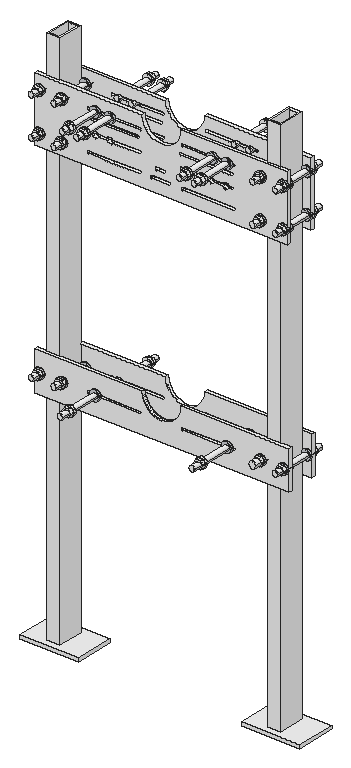
Revit family "Plumbing Fixture-Water_Closet_Carrier_Mifab_MC-32D", category Plumbing Fixtures, host Face, Revit 2013
Parameters
  WFU = 0
  URL = "www.mifab.com"
  Model = "MC-32D"
  Manufacturer = "MIFAB"
  Floor Drain Material = Paint - Sherwin Williams Paint - #952C2A - Bellwood Red
  Description = "Back To Back Hanger Plate Carrier With Bearing Plate And Two Uprights"
  Default Elevation = 0.000"
  Assembly Code = ""
Reference planes (in)
  plane 1 "Center (Front/Back)": y = 0
  plane 2: z = 0
  plane 3 "Center (Left/Right)": x = 0
Forms (in)
  Extrusion 1, solid, material "Paint - Sherwin Williams Paint - #952C2A - Bellwood Red" <- "Floor Drain Material"
    sketch origin (0.125, 0, 0) x (1, 0, 0) y (0, 1, 0)
      loop
        line (-10.75, 1.5) -> (-10.75, -1.5) -> (-6.25, -1.5) -> (-6.25, 1.5) -> (-10.75, 1.5)
      loop
        line (10.75, 1.5) -> (6.25, 1.5) -> (6.25, -1.5) -> (10.75, -1.5) -> (10.75, 1.5)
    from 0 to 0.25
  Extrusion 2, solid, material "Paint - Sherwin Williams Paint - #952C2A - Bellwood Red" <- "Floor Drain Material"
    sketch origin (0, 0, 0) x (1, 0, 0) y (0, 1, 0)
      loop
        line (-9, 1) -> (-9, -1) -> (-8, -1) -> (-8, 1) -> (-9, 1)
      loop
        line (9, 1) -> (8, 1) -> (8, -1) -> (9, -1) -> (9, 1)
      loop
        line (-8.875, 0.875) -> (-8.875, -0.875) -> (-8.125, -0.875) -> (-8.125, 0.875) -> (-8.875, 0.875)
      loop
        line (8.875, 0.875) -> (8.125, 0.875) -> (8.125, -0.875) -> (8.875, -0.875) -> (8.875, 0.875)
    from 0.25 to 42
  Extrusion 3, solid, material "Paint - Sherwin Williams Paint - #952C2A - Bellwood Red" <- "Floor Drain Material"
    sketch origin (0.04675, -1.5, 0) x (1, 0, 0) y (0, 0, 1)
      loop
        line (-9.75, 39.14334) -> (-9.75, 34.14334) -> (9.65649, 34.14334) -> (9.65649, 39.14334) -> (1.5, 39.14334)
        arc (1.5, 39.14334) -> (0, 37.64334) -> (-1.5, 39.14334) r 1.5
        line (-1.5, 39.14334) -> (-9.75, 39.14334)
      loop
        circle (9.37144, 38.14334) r 0.25
      loop
        circle (7.62856, 38.14334) r 0.25
      loop
        circle (-9.37144, 38.14334) r 0.25
      loop
        circle (-7.62856, 38.14334) r 0.25
      loop
        line (5.54399, 38.26834) -> (5.275, 38.26834) -> (1.66899, 38.26834)
        arc (1.66899, 38.26834) -> (1.54399, 38.14334) -> (1.66899, 38.01834) r 0.125
        line (1.66899, 38.01834) -> (5.27785, 38.01834) -> (5.54399, 38.01834)
        arc (5.54399, 38.01834) -> (5.66899, 38.14334) -> (5.54399, 38.26834) r 0.125
      loop
        arc (-5.54399, 38.26834) -> (-5.66899, 38.14334) -> (-5.54399, 38.01834) r 0.125
        line (-5.54399, 38.01834) -> (-5.27785, 38.01834) -> (-1.66899, 38.01834)
        arc (-1.66899, 38.01834) -> (-1.54399, 38.14334) -> (-1.66899, 38.26834) r 0.125
        line (-1.66899, 38.26834) -> (-5.275, 38.26834) -> (-5.54399, 38.26834)
      loop
        line (-9.75, 20.14334) -> (-9.75, 17.14334) -> (9.75, 17.14334) -> (9.75, 20.14334) -> (1.5, 20.14334)
        arc (1.5, 20.14334) -> (0, 18.64334) -> (-1.5, 20.14334) r 1.5
        line (-1.5, 20.14334) -> (-9.75, 20.14334)
      loop
        circle (9.37144, 18.625) r 0.25
      loop
        circle (7.62856, 18.625) r 0.25
      loop
        circle (-9.37144, 18.625) r 0.25
      loop
        circle (-7.62856, 18.625) r 0.25
      loop
        line (5.54399, 18.75) -> (5.275, 18.75)
        arc (5.275, 18.75) -> (5.05994, 18.87253) -> (4.84488, 18.75) r 0.25
        line (4.84488, 18.75) -> (4.15512, 18.75) -> (1.66899, 18.75)
        arc (1.66899, 18.75) -> (1.54399, 18.625) -> (1.66899, 18.5) r 0.125
        line (1.66899, 18.5) -> (4.15797, 18.5) -> (4.84203, 18.5)
        arc (4.84203, 18.5) -> (5.05994, 18.37253) -> (5.27785, 18.5) r 0.25
        line (5.27785, 18.5) -> (5.54399, 18.5)
        arc (5.54399, 18.5) -> (5.66899, 18.625) -> (5.54399, 18.75) r 0.125
      loop
        arc (-5.54399, 18.75) -> (-5.66899, 18.625) -> (-5.54399, 18.5) r 0.125
        line (-5.54399, 18.5) -> (-5.27785, 18.5)
        arc (-5.27785, 18.5) -> (-5.05994, 18.37253) -> (-4.84203, 18.5) r 0.25
        line (-4.84203, 18.5) -> (-4.15797, 18.5) -> (-1.66899, 18.5)
        arc (-1.66899, 18.5) -> (-1.54399, 18.625) -> (-1.66899, 18.75) r 0.125
        line (-1.66899, 18.75) -> (-4.15512, 18.75) -> (-4.84488, 18.75)
        arc (-4.84488, 18.75) -> (-5.05994, 18.87253) -> (-5.275, 18.75) r 0.25
        line (-5.275, 18.75) -> (-5.54399, 18.75)
      loop
        circle (9.37144, 35.14334) r 0.25
      loop
        circle (7.62856, 35.14334) r 0.25
      loop
        circle (-9.37144, 35.14334) r 0.25
      loop
        circle (-7.62856, 35.14334) r 0.25
      loop
        arc (5.54399, 35.01834) -> (5.66899, 35.14334) -> (5.54399, 35.26834) r 0.125
        line (5.54399, 35.26834) -> (1.66899, 35.26834)
        arc (1.66899, 35.26834) -> (1.54399, 35.14334) -> (1.66899, 35.01834) r 0.125
        line (1.66899, 35.01834) -> (5.54399, 35.01834)
      loop
        line (-5.54399, 35.01834) -> (-3.725, 35.01834) -> (-1.66899, 35.01834)
        arc (-1.66899, 35.01834) -> (-1.54399, 35.14334) -> (-1.66899, 35.26834) r 0.125
        line (-1.66899, 35.26834) -> (-3.72215, 35.26834) -> (-5.54399, 35.26834)
        arc (-5.54399, 35.26834) -> (-5.66899, 35.14334) -> (-5.54399, 35.01834) r 0.125
      loop
        arc (-5.54399, 36.64334) -> (-5.66899, 36.51834) -> (-5.54399, 36.39334) r 0.125
        line (-5.54399, 36.39334) -> (-5.27785, 36.39334)
        arc (-5.27785, 36.39334) -> (-5.05994, 36.26587) -> (-4.84203, 36.39334) r 0.25
        line (-4.84203, 36.39334) -> (-4.15797, 36.39334)
        arc (-4.15797, 36.39334) -> (-3.94006, 36.26587) -> (-3.72215, 36.39334) r 0.25
        line (-3.72215, 36.39334) -> (-1.66899, 36.39334)
        arc (-1.66899, 36.39334) -> (-1.54399, 36.51834) -> (-1.66899, 36.64334) r 0.125
        line (-1.66899, 36.64334) -> (-3.725, 36.64334)
        arc (-3.725, 36.64334) -> (-3.94006, 36.76587) -> (-4.15512, 36.64334) r 0.25
        line (-4.15512, 36.64334) -> (-4.84488, 36.64334)
        arc (-4.84488, 36.64334) -> (-5.05994, 36.76587) -> (-5.275, 36.64334) r 0.25
        line (-5.275, 36.64334) -> (-5.54399, 36.64334)
      loop
        line (5.41405, 37.625) -> (5.14506, 37.625) -> (1.53905, 37.625)
        arc (1.53905, 37.625) -> (1.41405, 37.5) -> (1.53905, 37.375) r 0.125
        line (1.53905, 37.375) -> (5.14791, 37.375) -> (5.41405, 37.375)
        arc (5.41405, 37.375) -> (5.53905, 37.5) -> (5.41405, 37.625) r 0.125
      loop
        arc (-5.67393, 37.625) -> (-5.79893, 37.5) -> (-5.67393, 37.375) r 0.125
        line (-5.67393, 37.375) -> (-5.40779, 37.375) -> (-1.79893, 37.375)
        arc (-1.79893, 37.375) -> (-1.67393, 37.5) -> (-1.79893, 37.625) r 0.125
        line (-1.79893, 37.625) -> (-5.40494, 37.625) -> (-5.67393, 37.625)
      loop
        line (5.45049, 36.64334) -> (5.1815, 36.64334)
        arc (5.1815, 36.64334) -> (4.96643, 36.76587) -> (4.75137, 36.64334) r 0.25
        line (4.75137, 36.64334) -> (4.06162, 36.64334)
        arc (4.06162, 36.64334) -> (3.84656, 36.76587) -> (3.63149, 36.64334) r 0.25
        line (3.63149, 36.64334) -> (1.57549, 36.64334)
        arc (1.57549, 36.64334) -> (1.45049, 36.51834) -> (1.57549, 36.39334) r 0.125
        line (1.57549, 36.39334) -> (3.62864, 36.39334)
        arc (3.62864, 36.39334) -> (3.84656, 36.26587) -> (4.06447, 36.39334) r 0.25
        line (4.06447, 36.39334) -> (4.74852, 36.39334)
        arc (4.74852, 36.39334) -> (4.96643, 36.26587) -> (5.18435, 36.39334) r 0.25
        line (5.18435, 36.39334) -> (5.45049, 36.39334)
        arc (5.45049, 36.39334) -> (5.57549, 36.51834) -> (5.45049, 36.64334) r 0.125
      loop
        arc (-0.70997, 35.26834) -> (-0.83497, 35.14334) -> (-0.70997, 35.01834) r 0.125
        line (-0.70997, 35.01834) -> (0.61647, 35.01834)
        arc (0.61647, 35.01834) -> (0.74147, 35.14334) -> (0.61647, 35.26834) r 0.125
        line (0.61647, 35.26834) -> (-0.70997, 35.26834)
      loop
        arc (-0.32934, 35.95824) -> (-0.45434, 35.83324) -> (-0.32934, 35.70824) r 0.125
        line (-0.32934, 35.70824) -> (0.23583, 35.70824)
        arc (0.23583, 35.70824) -> (0.36083, 35.83324) -> (0.23583, 35.95824) r 0.125
        line (0.23583, 35.95824) -> (-0.32934, 35.95824)
    from -0.5 to -0.25
  Sweep 4, solid, material "Paint - Sherwin Williams Paint - #952C2A - Bellwood Red" <- "Floor Drain Material"
    path origin (0.05085, 0.11634, 0.49005) x (-1, 0, 0) y (0, 1, 0)
      loop
        line (-9.37144, -2.1899) -> (-9.37144, 2.0601)
    profile origin (9.42229, 0.05144, 0.49005) x (-1, 0, 0) y (0, 0, 1)
      loop
        circle (0, 37.63699) r 0.2
  Extrusion 5, solid
    sketch origin (0.04675, 0, 1.87253) x (1, 0, 0) y (0, 0, 1)
      loop
        circle (-9.37144, 36.25) r 0.37861
      loop
        circle (-7.62856, 36.25) r 0.37861
      loop
        circle (7.62856, 36.25) r 0.37861
      loop
        circle (9.37144, 36.25) r 0.37861
    from 1.25 to 1.375
  Extrusion 6, solid
    sketch origin (0.04675, -2.25, 1.87253) x (1, 0, 0) y (0, 0, -1)
      loop
        circle (-9.37144, -36.25) r 0.37861
      loop
        circle (-7.62856, -36.25) r 0.37861
      loop
        circle (7.62856, -36.25) r 0.37861
      loop
        circle (9.37144, -36.25) r 0.37861
    from 1.25 to 1.375
  Extrusion 7, solid, material "Paint - Sherwin Williams Paint - #952C2A - Bellwood Red" <- "Floor Drain Material"
    sketch origin (0.04675, 0, 0.5) x (1, 0, 0) y (0, 0, 1)
      loop
        circle (-3.94006, 37.62253) r 0.2
      loop
        circle (-5.05994, 37.62253) r 0.2
      loop
        circle (3.94006, 37.62253) r 0.2
      loop
        circle (5.05994, 37.62253) r 0.2
    from 0.73281 to 4.48435
  Extrusion 8, solid, material "Paint - Sherwin Williams Paint - #952C2A - Bellwood Red" <- "Floor Drain Material"
    sketch origin (4.35826, -2.4273, -1.05033) x (1, 0, 0) y (0, 0, 1)
      loop
        line (-9.19891, 39.47169) -> (-9.54397, 39.47169) -> (-9.7165, 39.17286) -> (-9.54397, 38.87403) -> (-9.19891, 38.87403) -> (-9.02638, 39.17286) -> (-9.19891, 39.47169)
      loop
        circle (-9.37144, 39.17286) r 0.2
      loop
        line (-8.07903, 39.47169) -> (-8.42409, 39.47169) -> (-8.59662, 39.17286) -> (-8.42409, 38.87403) -> (-8.07903, 38.87403) -> (-7.90651, 39.17286) -> (-8.07903, 39.47169)
      loop
        circle (-8.25156, 39.17286) r 0.2
      loop
        line (-0.19891, 39.47169) -> (-0.54397, 39.47169) -> (-0.7165, 39.17286) -> (-0.54397, 38.87403) -> (-0.19891, 38.87403) -> (-0.02638, 39.17286) -> (-0.19891, 39.47169)
      loop
        circle (-0.37144, 39.17286) r 0.2
      loop
        line (0.92097, 39.47169) -> (0.57591, 39.47169) -> (0.40338, 39.17286) -> (0.57591, 38.87403) -> (0.92097, 38.87403) -> (1.09349, 39.17286) -> (0.92097, 39.47169)
      loop
        circle (0.74844, 39.17286) r 0.2
    from 1.375 to 1.625
  Extrusion 9, solid
    sketch origin (4.35826, 0, -1.05033) x (1, 0, 0) y (0, 0, 1)
      loop
        circle (-9.37144, 39.17286) r 0.37857
      loop
        circle (-8.25156, 39.17286) r 0.37857
      loop
        circle (-0.37144, 39.17286) r 0.37857
      loop
        circle (0.74844, 39.17286) r 0.37857
    from 1.25 to 1.375
  Extrusion 10, solid, material "Paint - Sherwin Williams Paint - #952C2A - Bellwood Red" <- "Floor Drain Material"
    sketch origin (4.35826, -2.43499, -1.05033) x (1, 0, 0) y (0, 0, 1)
      loop
        circle (-9.37144, 39.17286) r 0.37857
      loop
        circle (-8.25156, 39.17286) r 0.37857
      loop
        circle (-0.37144, 39.17286) r 0.37857
      loop
        circle (0.74844, 39.17286) r 0.37857
    from 1.25 to 1.36732
  Extrusion 11, solid, material "Paint - Sherwin Williams Paint - #952C2A - Bellwood Red" <- "Floor Drain Material"
    sketch origin (0.04675, -0.20064, -19) x (1, 0, 0) y (0, 0, 1)
      loop
        circle (-5.05994, 37.62253) r 0.2
      loop
        circle (5.05994, 37.61634) r 0.2
    from 0.73281 to 4.48435
  Extrusion 12, solid, material "Paint - Sherwin Williams Paint - #952C2A - Bellwood Red" <- "Floor Drain Material"
    sketch origin (4.35826, -2.4273, -20.55033) x (1, 0, 0) y (0, 0, 1)
      loop
        line (-9.19891, 39.47169) -> (-9.54397, 39.47169) -> (-9.7165, 39.17286) -> (-9.54397, 38.87403) -> (-9.19891, 38.87403) -> (-9.02638, 39.17286) -> (-9.19891, 39.47169)
      loop
        circle (-9.37144, 39.17286) r 0.2
      loop
        line (0.92097, 39.47169) -> (0.57591, 39.47169) -> (0.40338, 39.17286) -> (0.57591, 38.87403) -> (0.92097, 38.87403) -> (1.09349, 39.17286) -> (0.92097, 39.47169)
      loop
        circle (0.74844, 39.17286) r 0.2
    from 1.375 to 1.625
  Extrusion 13, solid
    sketch origin (4.35826, 0, -20.55033) x (1, 0, 0) y (0, 0, 1)
      loop
        circle (-9.37144, 39.17286) r 0.37857
      loop
        circle (0.74844, 39.17286) r 0.37857
    from 1.25 to 1.375
  Extrusion 14, solid, material "Paint - Sherwin Williams Paint - #952C2A - Bellwood Red" <- "Floor Drain Material"
    sketch origin (4.35826, -2.43499, -20.55033) x (1, 0, 0) y (0, 0, 1)
      loop
        circle (-9.37144, 39.17286) r 0.37857
      loop
        circle (0.74844, 39.17286) r 0.37857
    from 1.25 to 1.36732
  Extrusion 15, solid, material "Paint - Sherwin Williams Paint - #952C2A - Bellwood Red" <- "Floor Drain Material"
    sketch origin (0.04675, -1.5, 0) x (1, 0, 0) y (0, 0, 1)
      loop
        line (-9.75, 39.14334) -> (-9.75, 34.14334) -> (9.65649, 34.14334) -> (9.65649, 39.14334) -> (1.5, 39.14334)
        arc (1.5, 39.14334) -> (0, 37.64334) -> (-1.5, 39.14334) r 1.5
        line (-1.5, 39.14334) -> (-9.75, 39.14334)
      loop
        circle (9.37144, 38.14334) r 0.25
      loop
        circle (7.62856, 38.14334) r 0.25
      loop
        circle (-9.37144, 38.14334) r 0.25
      loop
        circle (-7.62856, 38.14334) r 0.25
      loop
        line (5.54399, 38.26834) -> (5.275, 38.26834) -> (1.66899, 38.26834)
        arc (1.66899, 38.26834) -> (1.54399, 38.14334) -> (1.66899, 38.01834) r 0.125
        line (1.66899, 38.01834) -> (5.27785, 38.01834) -> (5.54399, 38.01834)
        arc (5.54399, 38.01834) -> (5.66899, 38.14334) -> (5.54399, 38.26834) r 0.125
      loop
        arc (-5.54399, 38.26834) -> (-5.66899, 38.14334) -> (-5.54399, 38.01834) r 0.125
        line (-5.54399, 38.01834) -> (-5.27785, 38.01834) -> (-1.66899, 38.01834)
        arc (-1.66899, 38.01834) -> (-1.54399, 38.14334) -> (-1.66899, 38.26834) r 0.125
        line (-1.66899, 38.26834) -> (-5.275, 38.26834) -> (-5.54399, 38.26834)
      loop
        line (-9.75, 20.14334) -> (-9.75, 17.14334) -> (9.75, 17.14334) -> (9.75, 20.14334) -> (1.5, 20.14334)
        arc (1.5, 20.14334) -> (0, 18.64334) -> (-1.5, 20.14334) r 1.5
        line (-1.5, 20.14334) -> (-9.75, 20.14334)
      loop
        circle (9.37144, 18.625) r 0.25
      loop
        circle (7.62856, 18.625) r 0.25
      loop
        circle (-9.37144, 18.625) r 0.25
      loop
        circle (-7.62856, 18.625) r 0.25
      loop
        line (5.54399, 18.75) -> (5.275, 18.75)
        arc (5.275, 18.75) -> (5.05994, 18.87253) -> (4.84488, 18.75) r 0.25
        line (4.84488, 18.75) -> (4.15512, 18.75) -> (1.66899, 18.75)
        arc (1.66899, 18.75) -> (1.54399, 18.625) -> (1.66899, 18.5) r 0.125
        line (1.66899, 18.5) -> (4.15797, 18.5) -> (4.84203, 18.5)
        arc (4.84203, 18.5) -> (5.05994, 18.37253) -> (5.27785, 18.5) r 0.25
        line (5.27785, 18.5) -> (5.54399, 18.5)
        arc (5.54399, 18.5) -> (5.66899, 18.625) -> (5.54399, 18.75) r 0.125
      loop
        arc (-5.54399, 18.75) -> (-5.66899, 18.625) -> (-5.54399, 18.5) r 0.125
        line (-5.54399, 18.5) -> (-5.27785, 18.5)
        arc (-5.27785, 18.5) -> (-5.05994, 18.37253) -> (-4.84203, 18.5) r 0.25
        line (-4.84203, 18.5) -> (-4.15797, 18.5) -> (-1.66899, 18.5)
        arc (-1.66899, 18.5) -> (-1.54399, 18.625) -> (-1.66899, 18.75) r 0.125
        line (-1.66899, 18.75) -> (-4.15512, 18.75) -> (-4.84488, 18.75)
        arc (-4.84488, 18.75) -> (-5.05994, 18.87253) -> (-5.275, 18.75) r 0.25
        line (-5.275, 18.75) -> (-5.54399, 18.75)
      loop
        circle (9.37144, 35.14334) r 0.25
      loop
        circle (7.62856, 35.14334) r 0.25
      loop
        circle (-9.37144, 35.14334) r 0.25
      loop
        circle (-7.62856, 35.14334) r 0.25
      loop
        arc (5.54399, 35.01834) -> (5.66899, 35.14334) -> (5.54399, 35.26834) r 0.125
        line (5.54399, 35.26834) -> (1.66899, 35.26834)
        arc (1.66899, 35.26834) -> (1.54399, 35.14334) -> (1.66899, 35.01834) r 0.125
        line (1.66899, 35.01834) -> (5.54399, 35.01834)
      loop
        line (-5.54399, 35.01834) -> (-3.725, 35.01834) -> (-1.66899, 35.01834)
        arc (-1.66899, 35.01834) -> (-1.54399, 35.14334) -> (-1.66899, 35.26834) r 0.125
        line (-1.66899, 35.26834) -> (-3.72215, 35.26834) -> (-5.54399, 35.26834)
        arc (-5.54399, 35.26834) -> (-5.66899, 35.14334) -> (-5.54399, 35.01834) r 0.125
      loop
        arc (-5.54399, 36.64334) -> (-5.66899, 36.51834) -> (-5.54399, 36.39334) r 0.125
        line (-5.54399, 36.39334) -> (-5.27785, 36.39334)
        arc (-5.27785, 36.39334) -> (-5.05994, 36.26587) -> (-4.84203, 36.39334) r 0.25
        line (-4.84203, 36.39334) -> (-4.15797, 36.39334)
        arc (-4.15797, 36.39334) -> (-3.94006, 36.26587) -> (-3.72215, 36.39334) r 0.25
        line (-3.72215, 36.39334) -> (-1.66899, 36.39334)
        arc (-1.66899, 36.39334) -> (-1.54399, 36.51834) -> (-1.66899, 36.64334) r 0.125
        line (-1.66899, 36.64334) -> (-3.725, 36.64334)
        arc (-3.725, 36.64334) -> (-3.94006, 36.76587) -> (-4.15512, 36.64334) r 0.25
        line (-4.15512, 36.64334) -> (-4.84488, 36.64334)
        arc (-4.84488, 36.64334) -> (-5.05994, 36.76587) -> (-5.275, 36.64334) r 0.25
        line (-5.275, 36.64334) -> (-5.54399, 36.64334)
      loop
        line (5.41405, 37.625) -> (5.14506, 37.625) -> (1.53905, 37.625)
        arc (1.53905, 37.625) -> (1.41405, 37.5) -> (1.53905, 37.375) r 0.125
        line (1.53905, 37.375) -> (5.14791, 37.375) -> (5.41405, 37.375)
        arc (5.41405, 37.375) -> (5.53905, 37.5) -> (5.41405, 37.625) r 0.125
      loop
        arc (-5.67393, 37.625) -> (-5.79893, 37.5) -> (-5.67393, 37.375) r 0.125
        line (-5.67393, 37.375) -> (-5.40779, 37.375) -> (-1.79893, 37.375)
        arc (-1.79893, 37.375) -> (-1.67393, 37.5) -> (-1.79893, 37.625) r 0.125
        line (-1.79893, 37.625) -> (-5.40494, 37.625) -> (-5.67393, 37.625)
      loop
        line (5.45049, 36.64334) -> (5.1815, 36.64334)
        arc (5.1815, 36.64334) -> (4.96643, 36.76587) -> (4.75137, 36.64334) r 0.25
        line (4.75137, 36.64334) -> (4.06162, 36.64334)
        arc (4.06162, 36.64334) -> (3.84656, 36.76587) -> (3.63149, 36.64334) r 0.25
        line (3.63149, 36.64334) -> (1.57549, 36.64334)
        arc (1.57549, 36.64334) -> (1.45049, 36.51834) -> (1.57549, 36.39334) r 0.125
        line (1.57549, 36.39334) -> (3.62864, 36.39334)
        arc (3.62864, 36.39334) -> (3.84656, 36.26587) -> (4.06447, 36.39334) r 0.25
        line (4.06447, 36.39334) -> (4.74852, 36.39334)
        arc (4.74852, 36.39334) -> (4.96643, 36.26587) -> (5.18435, 36.39334) r 0.25
        line (5.18435, 36.39334) -> (5.45049, 36.39334)
        arc (5.45049, 36.39334) -> (5.57549, 36.51834) -> (5.45049, 36.64334) r 0.125
      loop
        arc (-0.70997, 35.26834) -> (-0.83497, 35.14334) -> (-0.70997, 35.01834) r 0.125
        line (-0.70997, 35.01834) -> (0.61647, 35.01834)
        arc (0.61647, 35.01834) -> (0.74147, 35.14334) -> (0.61647, 35.26834) r 0.125
        line (0.61647, 35.26834) -> (-0.70997, 35.26834)
      loop
        arc (-0.32934, 35.95824) -> (-0.45434, 35.83324) -> (-0.32934, 35.70824) r 0.125
        line (-0.32934, 35.70824) -> (0.23583, 35.70824)
        arc (0.23583, 35.70824) -> (0.36083, 35.83324) -> (0.23583, 35.95824) r 0.125
        line (0.23583, 35.95824) -> (-0.32934, 35.95824)
    from -0.5 to -0.25
  Extrusion 16, solid, material "Paint - Sherwin Williams Paint - #952C2A - Bellwood Red" <- "Floor Drain Material"
    sketch origin (0.04675, 0.75, 0) x (1, 0, 0) y (0, 0, 1)
      loop
        line (-9.75, 39.14334) -> (-9.75, 34.14334) -> (9.65649, 34.14334) -> (9.65649, 39.14334) -> (1.5, 39.14334)
        arc (1.5, 39.14334) -> (0, 37.64334) -> (-1.5, 39.14334) r 1.5
        line (-1.5, 39.14334) -> (-9.75, 39.14334)
      loop
        circle (9.37144, 38.14334) r 0.25
      loop
        circle (7.62856, 38.14334) r 0.25
      loop
        circle (-9.37144, 38.14334) r 0.25
      loop
        circle (-7.62856, 38.14334) r 0.25
      loop
        line (5.54399, 38.26834) -> (5.275, 38.26834) -> (1.66899, 38.26834)
        arc (1.66899, 38.26834) -> (1.54399, 38.14334) -> (1.66899, 38.01834) r 0.125
        line (1.66899, 38.01834) -> (5.27785, 38.01834) -> (5.54399, 38.01834)
        arc (5.54399, 38.01834) -> (5.66899, 38.14334) -> (5.54399, 38.26834) r 0.125
      loop
        arc (-5.54399, 38.26834) -> (-5.66899, 38.14334) -> (-5.54399, 38.01834) r 0.125
        line (-5.54399, 38.01834) -> (-5.27785, 38.01834) -> (-1.66899, 38.01834)
        arc (-1.66899, 38.01834) -> (-1.54399, 38.14334) -> (-1.66899, 38.26834) r 0.125
        line (-1.66899, 38.26834) -> (-5.275, 38.26834) -> (-5.54399, 38.26834)
      loop
        line (-9.75, 20.14334) -> (-9.75, 17.14334) -> (9.75, 17.14334) -> (9.75, 20.14334) -> (1.5, 20.14334)
        arc (1.5, 20.14334) -> (0, 18.64334) -> (-1.5, 20.14334) r 1.5
        line (-1.5, 20.14334) -> (-9.75, 20.14334)
      loop
        circle (9.37144, 18.625) r 0.25
      loop
        circle (7.62856, 18.625) r 0.25
      loop
        circle (-9.37144, 18.625) r 0.25
      loop
        circle (-7.62856, 18.625) r 0.25
      loop
        line (5.54399, 18.75) -> (5.275, 18.75)
        arc (5.275, 18.75) -> (5.05994, 18.87253) -> (4.84488, 18.75) r 0.25
        line (4.84488, 18.75) -> (4.15512, 18.75) -> (1.66899, 18.75)
        arc (1.66899, 18.75) -> (1.54399, 18.625) -> (1.66899, 18.5) r 0.125
        line (1.66899, 18.5) -> (4.15797, 18.5) -> (4.84203, 18.5)
        arc (4.84203, 18.5) -> (5.05994, 18.37253) -> (5.27785, 18.5) r 0.25
        line (5.27785, 18.5) -> (5.54399, 18.5)
        arc (5.54399, 18.5) -> (5.66899, 18.625) -> (5.54399, 18.75) r 0.125
      loop
        arc (-5.54399, 18.75) -> (-5.66899, 18.625) -> (-5.54399, 18.5) r 0.125
        line (-5.54399, 18.5) -> (-5.27785, 18.5)
        arc (-5.27785, 18.5) -> (-5.05994, 18.37253) -> (-4.84203, 18.5) r 0.25
        line (-4.84203, 18.5) -> (-4.15797, 18.5) -> (-1.66899, 18.5)
        arc (-1.66899, 18.5) -> (-1.54399, 18.625) -> (-1.66899, 18.75) r 0.125
        line (-1.66899, 18.75) -> (-4.15512, 18.75) -> (-4.84488, 18.75)
        arc (-4.84488, 18.75) -> (-5.05994, 18.87253) -> (-5.275, 18.75) r 0.25
        line (-5.275, 18.75) -> (-5.54399, 18.75)
      loop
        circle (9.37144, 35.14334) r 0.25
      loop
        circle (7.62856, 35.14334) r 0.25
      loop
        circle (-9.37144, 35.14334) r 0.25
      loop
        circle (-7.62856, 35.14334) r 0.25
      loop
        arc (5.54399, 35.01834) -> (5.66899, 35.14334) -> (5.54399, 35.26834) r 0.125
        line (5.54399, 35.26834) -> (1.66899, 35.26834)
        arc (1.66899, 35.26834) -> (1.54399, 35.14334) -> (1.66899, 35.01834) r 0.125
        line (1.66899, 35.01834) -> (5.54399, 35.01834)
      loop
        line (-5.54399, 35.01834) -> (-3.725, 35.01834) -> (-1.66899, 35.01834)
        arc (-1.66899, 35.01834) -> (-1.54399, 35.14334) -> (-1.66899, 35.26834) r 0.125
        line (-1.66899, 35.26834) -> (-3.72215, 35.26834) -> (-5.54399, 35.26834)
        arc (-5.54399, 35.26834) -> (-5.66899, 35.14334) -> (-5.54399, 35.01834) r 0.125
      loop
        arc (-5.54399, 36.64334) -> (-5.66899, 36.51834) -> (-5.54399, 36.39334) r 0.125
        line (-5.54399, 36.39334) -> (-5.27785, 36.39334)
        arc (-5.27785, 36.39334) -> (-5.05994, 36.26587) -> (-4.84203, 36.39334) r 0.25
        line (-4.84203, 36.39334) -> (-4.15797, 36.39334)
        arc (-4.15797, 36.39334) -> (-3.94006, 36.26587) -> (-3.72215, 36.39334) r 0.25
        line (-3.72215, 36.39334) -> (-1.66899, 36.39334)
        arc (-1.66899, 36.39334) -> (-1.54399, 36.51834) -> (-1.66899, 36.64334) r 0.125
        line (-1.66899, 36.64334) -> (-3.725, 36.64334)
        arc (-3.725, 36.64334) -> (-3.94006, 36.76587) -> (-4.15512, 36.64334) r 0.25
        line (-4.15512, 36.64334) -> (-4.84488, 36.64334)
        arc (-4.84488, 36.64334) -> (-5.05994, 36.76587) -> (-5.275, 36.64334) r 0.25
        line (-5.275, 36.64334) -> (-5.54399, 36.64334)
      loop
        line (5.41405, 37.625) -> (5.14506, 37.625) -> (1.53905, 37.625)
        arc (1.53905, 37.625) -> (1.41405, 37.5) -> (1.53905, 37.375) r 0.125
        line (1.53905, 37.375) -> (5.14791, 37.375) -> (5.41405, 37.375)
        arc (5.41405, 37.375) -> (5.53905, 37.5) -> (5.41405, 37.625) r 0.125
      loop
        arc (-5.67393, 37.625) -> (-5.79893, 37.5) -> (-5.67393, 37.375) r 0.125
        line (-5.67393, 37.375) -> (-5.40779, 37.375) -> (-1.79893, 37.375)
        arc (-1.79893, 37.375) -> (-1.67393, 37.5) -> (-1.79893, 37.625) r 0.125
        line (-1.79893, 37.625) -> (-5.40494, 37.625) -> (-5.67393, 37.625)
      loop
        line (5.45049, 36.64334) -> (5.1815, 36.64334)
        arc (5.1815, 36.64334) -> (4.96643, 36.76587) -> (4.75137, 36.64334) r 0.25
        line (4.75137, 36.64334) -> (4.06162, 36.64334)
        arc (4.06162, 36.64334) -> (3.84656, 36.76587) -> (3.63149, 36.64334) r 0.25
        line (3.63149, 36.64334) -> (1.57549, 36.64334)
        arc (1.57549, 36.64334) -> (1.45049, 36.51834) -> (1.57549, 36.39334) r 0.125
        line (1.57549, 36.39334) -> (3.62864, 36.39334)
        arc (3.62864, 36.39334) -> (3.84656, 36.26587) -> (4.06447, 36.39334) r 0.25
        line (4.06447, 36.39334) -> (4.74852, 36.39334)
        arc (4.74852, 36.39334) -> (4.96643, 36.26587) -> (5.18435, 36.39334) r 0.25
        line (5.18435, 36.39334) -> (5.45049, 36.39334)
        arc (5.45049, 36.39334) -> (5.57549, 36.51834) -> (5.45049, 36.64334) r 0.125
      loop
        arc (-0.70997, 35.26834) -> (-0.83497, 35.14334) -> (-0.70997, 35.01834) r 0.125
        line (-0.70997, 35.01834) -> (0.61647, 35.01834)
        arc (0.61647, 35.01834) -> (0.74147, 35.14334) -> (0.61647, 35.26834) r 0.125
        line (0.61647, 35.26834) -> (-0.70997, 35.26834)
      loop
        arc (-0.32934, 35.95824) -> (-0.45434, 35.83324) -> (-0.32934, 35.70824) r 0.125
        line (-0.32934, 35.70824) -> (0.23583, 35.70824)
        arc (0.23583, 35.70824) -> (0.36083, 35.83324) -> (0.23583, 35.95824) r 0.125
        line (0.23583, 35.95824) -> (-0.32934, 35.95824)
    from -0.5 to -0.25
  Extrusion 17, solid, material "Paint - Sherwin Williams Paint - #952C2A - Bellwood Red" <- "Floor Drain Material"
    sketch origin (0.04675, 5.25, 0.5) x (1, 0, 0) y (0, 0, 1)
      loop
        circle (-3.94006, 37.62253) r 0.2
      loop
        circle (-5.05994, 37.62253) r 0.2
      loop
        circle (3.94006, 37.62253) r 0.2
      loop
        circle (5.05994, 37.62253) r 0.2
    from 0.73281 to 4.48435
  Extrusion 18, solid
    sketch origin (4.35826, 2.625, -1.05033) x (1, 0, 0) y (0, 0, 1)
      loop
        circle (-9.37144, 39.17286) r 0.37857
      loop
        circle (-8.25156, 39.17286) r 0.37857
      loop
        circle (-0.37144, 39.17286) r 0.37857
      loop
        circle (0.74844, 39.17286) r 0.37857
    from 1.25 to 1.375
  Extrusion 19, solid, material "Paint - Sherwin Williams Paint - #952C2A - Bellwood Red" <- "Floor Drain Material"
    sketch origin (4.35826, 2.43233, -1.05033) x (1, 0, 0) y (0, 0, -1)
      loop
        line (-9.19891, -39.47169) -> (-9.02638, -39.17286) -> (-9.19891, -38.87403) -> (-9.54397, -38.87403) -> (-9.7165, -39.17286) -> (-9.54397, -39.47169) -> (-9.19891, -39.47169)
      loop
        circle (-9.37144, -39.17286) r 0.2
      loop
        line (-8.07903, -39.47169) -> (-7.90651, -39.17286) -> (-8.07903, -38.87403) -> (-8.42409, -38.87403) -> (-8.59662, -39.17286) -> (-8.42409, -39.47169) -> (-8.07903, -39.47169)
      loop
        circle (-8.25156, -39.17286) r 0.2
      loop
        line (-0.19891, -39.47169) -> (-0.02638, -39.17286) -> (-0.19891, -38.87403) -> (-0.54397, -38.87403) -> (-0.7165, -39.17286) -> (-0.54397, -39.47169) -> (-0.19891, -39.47169)
      loop
        circle (-0.37144, -39.17286) r 0.2
      loop
        line (0.92097, -39.47169) -> (1.09349, -39.17286) -> (0.92097, -38.87403) -> (0.57591, -38.87403) -> (0.40338, -39.17286) -> (0.57591, -39.47169) -> (0.92097, -39.47169)
      loop
        circle (0.74844, -39.17286) r 0.2
    from 1.375 to 1.625
  Extrusion 20, solid, material "Paint - Sherwin Williams Paint - #952C2A - Bellwood Red" <- "Floor Drain Material"
    sketch origin (4.35826, 2.44001, -1.05033) x (1, 0, 0) y (0, 0, -1)
      loop
        circle (-9.37144, -39.17286) r 0.37857
      loop
        circle (-8.25156, -39.17286) r 0.37857
      loop
        circle (-0.37144, -39.17286) r 0.37857
      loop
        circle (0.74844, -39.17286) r 0.37857
    from 1.25 to 1.36732
  Sweep 21, solid, material "Paint - Sherwin Williams Paint - #952C2A - Bellwood Red" <- "Floor Drain Material"
    path origin (-1.69204, 0.11634, 0.49005) x (-1, 0, 0) y (0, 1, 0)
      loop
        line (-9.37144, -2.1899) -> (-9.37144, 2.0601)
    profile origin (7.6794, 0.05144, 0.49005) x (-1, 0, 0) y (0, 0, 1)
      loop
        circle (0, 37.63699) r 0.2
      loop
        circle (0, 34.63699) r 0.2
      loop
        circle (0.00409, 18.13495) r 0.25
  Sweep 22, solid, material "Paint - Sherwin Williams Paint - #952C2A - Bellwood Red" <- "Floor Drain Material"
    path origin (-16.94915, 0.11634, 0.49005) x (-1, 0, 0) y (0, 1, 0)
      loop
        line (-9.37144, -2.1899) -> (-9.37144, 2.0601)
    profile origin (-7.57771, 0.05144, 0.49005) x (-1, 0, 0) y (0, 0, 1)
      loop
        circle (0, 37.63699) r 0.2
      loop
        circle (0, 34.63699) r 0.2
      loop
        circle (0, 18.13499) r 0.2
  Sweep 23, solid, material "Paint - Sherwin Williams Paint - #952C2A - Bellwood Red" <- "Floor Drain Material"
    path origin (-18.69204, 0.11634, 0.49005) x (-1, 0, 0) y (0, 1, 0)
      loop
        line (-9.37144, -2.1899) -> (-9.37144, 2.0601)
    profile origin (-9.3206, 0.05144, 0.49005) x (-1, 0, 0) y (0, 0, 1)
      loop
        circle (0, 37.63699) r 0.2
      loop
        circle (0, 34.63699) r 0.2
      loop
        circle (0, 18.13499) r 0.2
  Extrusion 24, solid
    sketch origin (0.04675, 0, 1.87253) x (1, 0, 0) y (0, 0, -1)
      loop
        circle (-9.37144, -36.25) r 0.37861
      loop
        circle (-7.62856, -36.25) r 0.37861
      loop
        circle (7.62856, -36.25) r 0.37861
      loop
        circle (9.37144, -36.25) r 0.37861
    from 1.25 to 1.375
  Extrusion 25, solid, material "Paint - Sherwin Williams Paint - #952C2A - Bellwood Red" <- "Floor Drain Material"
    sketch origin (0.04675, 0, 1.87253) x (1, 0, 0) y (0, 0, -1)
      loop
        line (9.19891, -36.54883) -> (9.54397, -36.54883) -> (9.7165, -36.25) -> (9.54397, -35.95117) -> (9.19891, -35.95117) -> (9.02638, -36.25) -> (9.19891, -36.54883)
      loop
        line (7.45603, -36.54883) -> (7.80109, -36.54883) -> (7.97362, -36.25) -> (7.80109, -35.95117) -> (7.45603, -35.95117) -> (7.2835, -36.25) -> (7.45603, -36.54883)
      loop
        circle (9.37144, -36.25) r 0.2
      loop
        circle (7.62856, -36.25) r 0.2
      loop
        line (-9.19891, -36.54883) -> (-9.02638, -36.25) -> (-9.19891, -35.95117) -> (-9.54397, -35.95117) -> (-9.7165, -36.25) -> (-9.54397, -36.54883) -> (-9.19891, -36.54883)
      loop
        line (-7.36623, -36.54883) -> (-7.2386, -36.32777) -> (-7.45603, -35.95117) -> (-7.80109, -35.95117) -> (-7.97362, -36.25) -> (-7.80109, -36.54883) -> (-7.36623, -36.54883)
      loop
        circle (-9.38944, -36.27126) r 0.2
      loop
        circle (-7.62856, -36.25) r 0.2
    from 1.375 to 1.625
  Extrusion 26, solid
    sketch origin (4.35826, 2.625, -20.55033) x (1, 0, 0) y (0, 0, 1)
      loop
        circle (-9.37144, 39.17286) r 0.37857
      loop
        circle (0.74844, 39.17286) r 0.37857
    from 1.25 to 1.375
  Extrusion 27, solid, material "Paint - Sherwin Williams Paint - #952C2A - Bellwood Red" <- "Floor Drain Material"
    sketch origin (0.04675, 5.25, -19) x (1, 0, 0) y (0, 0, 1)
      loop
        circle (-5.05994, 37.62253) r 0.2
      loop
        circle (5.05994, 37.61634) r 0.2
    from 0.73281 to 4.48435
  Extrusion 28, solid, material "Paint - Sherwin Williams Paint - #952C2A - Bellwood Red" <- "Floor Drain Material"
    sketch origin (4.35826, 2.4273, -20.55033) x (1, 0, 0) y (0, 0, -1)
      loop
        line (-9.19891, -39.47169) -> (-9.02638, -39.17286) -> (-9.19891, -38.87403) -> (-9.54397, -38.87403) -> (-9.7165, -39.17286) -> (-9.54397, -39.47169) -> (-9.19891, -39.47169)
      loop
        circle (-9.37144, -39.17286) r 0.2
      loop
        line (0.92097, -39.47169) -> (1.09349, -39.17286) -> (0.92097, -38.87403) -> (0.57591, -38.87403) -> (0.40338, -39.17286) -> (0.57591, -39.47169) -> (0.92097, -39.47169)
      loop
        circle (0.74844, -39.17286) r 0.2
    from 1.375 to 1.625
  Extrusion 29, solid, material "Paint - Sherwin Williams Paint - #952C2A - Bellwood Red" <- "Floor Drain Material"
    sketch origin (4.35826, 2.43499, -20.55033) x (1, 0, 0) y (0, 0, -1)
      loop
        circle (-9.37144, -39.17286) r 0.37857
      loop
        circle (0.74844, -39.17286) r 0.37857
    from 1.25 to 1.36732
  Extrusion 30, solid, material "Paint - Sherwin Williams Paint - #952C2A - Bellwood Red" <- "Floor Drain Material"
    sketch origin (0.04675, 0, 1.87253) x (1, 0, 0) y (0, 0, 1)
      loop
        line (9.19891, 36.54883) -> (9.02638, 36.25) -> (9.19891, 35.95117) -> (9.54397, 35.95117) -> (9.7165, 36.25) -> (9.54397, 36.54883) -> (9.19891, 36.54883)
      loop
        line (7.45603, 36.54883) -> (7.2835, 36.25) -> (7.45603, 35.95117) -> (7.80109, 35.95117) -> (7.97362, 36.25) -> (7.80109, 36.54883) -> (7.45603, 36.54883)
      loop
        circle (9.37144, 36.25) r 0.2
      loop
        circle (7.62856, 36.25) r 0.2
      loop
        line (-9.19891, 36.54883) -> (-9.54397, 36.54883) -> (-9.7165, 36.25) -> (-9.54397, 35.95117) -> (-9.19891, 35.95117) -> (-9.02638, 36.25) -> (-9.19891, 36.54883)
      loop
        line (-7.36623, 36.54883) -> (-7.80109, 36.54883) -> (-7.97362, 36.25) -> (-7.80109, 35.95117) -> (-7.45603, 35.95117) -> (-7.2386, 36.32777) -> (-7.36623, 36.54883)
      loop
        circle (-9.38944, 36.27126) r 0.2
      loop
        circle (-7.62856, 36.25) r 0.2
    from 1.375 to 1.625
  Extrusion 31, solid
    sketch origin (0.04675, 2.25, 1.87253) x (1, 0, 0) y (0, 0, 1)
      loop
        circle (-9.37144, 36.25) r 0.37861
      loop
        circle (-7.62856, 36.25) r 0.37861
      loop
        circle (7.62856, 36.25) r 0.37861
      loop
        circle (9.37144, 36.25) r 0.37861
    from 1.25 to 1.375
  Sweep 32, solid, material "Paint - Sherwin Williams Paint - #952C2A - Bellwood Red" <- "Floor Drain Material"
    path origin (0.05085, 0.11634, -2.50995) x (-1, 0, 0) y (0, 1, 0)
      loop
        line (-9.37144, -2.1899) -> (-9.37144, 2.0601)
    profile origin (9.42229, 0.05144, -2.50995) x (-1, 0, 0) y (0, 0, 1)
      loop
        circle (0, 37.63699) r 0.2
  Extrusion 33, solid
    sketch origin (0.04675, -2.25, -1.12747) x (1, 0, 0) y (0, 0, -1)
      loop
        circle (-9.37144, -36.25) r 0.37861
      loop
        circle (-7.62856, -36.25) r 0.37861
      loop
        circle (7.62856, -36.25) r 0.37861
      loop
        circle (9.37144, -36.25) r 0.37861
    from 1.25 to 1.375
  Extrusion 34, solid
    sketch origin (0.04675, 0, -1.12747) x (1, 0, 0) y (0, 0, -1)
      loop
        circle (-9.37144, -36.25) r 0.37861
      loop
        circle (-7.62856, -36.25) r 0.37861
      loop
        circle (7.62856, -36.25) r 0.37861
      loop
        circle (9.37144, -36.25) r 0.37861
    from 1.25 to 1.375
  Extrusion 35, solid, material "Paint - Sherwin Williams Paint - #952C2A - Bellwood Red" <- "Floor Drain Material"
    sketch origin (0.04675, 0, -1.12747) x (1, 0, 0) y (0, 0, -1)
      loop
        line (9.19891, -36.54883) -> (9.54397, -36.54883) -> (9.7165, -36.25) -> (9.54397, -35.95117) -> (9.19891, -35.95117) -> (9.02638, -36.25) -> (9.19891, -36.54883)
      loop
        line (7.45603, -36.54883) -> (7.80109, -36.54883) -> (7.97362, -36.25) -> (7.80109, -35.95117) -> (7.45603, -35.95117) -> (7.2835, -36.25) -> (7.45603, -36.54883)
      loop
        circle (9.37144, -36.25) r 0.2
      loop
        circle (7.62856, -36.25) r 0.2
      loop
        line (-9.19891, -36.54883) -> (-9.02638, -36.25) -> (-9.19891, -35.95117) -> (-9.54397, -35.95117) -> (-9.7165, -36.25) -> (-9.54397, -36.54883) -> (-9.19891, -36.54883)
      loop
        line (-7.36623, -36.54883) -> (-7.2386, -36.32777) -> (-7.45603, -35.95117) -> (-7.80109, -35.95117) -> (-7.97362, -36.25) -> (-7.80109, -36.54883) -> (-7.36623, -36.54883)
      loop
        circle (-9.38944, -36.27126) r 0.2
      loop
        circle (-7.62856, -36.25) r 0.2
    from 1.375 to 1.625
  Extrusion 36, solid, material "Paint - Sherwin Williams Paint - #952C2A - Bellwood Red" <- "Floor Drain Material"
    sketch origin (0.04675, 0, -1.12747) x (1, 0, 0) y (0, 0, 1)
      loop
        line (9.19891, 36.54883) -> (9.02638, 36.25) -> (9.19891, 35.95117) -> (9.54397, 35.95117) -> (9.7165, 36.25) -> (9.54397, 36.54883) -> (9.19891, 36.54883)
      loop
        line (7.45603, 36.54883) -> (7.2835, 36.25) -> (7.45603, 35.95117) -> (7.80109, 35.95117) -> (7.97362, 36.25) -> (7.80109, 36.54883) -> (7.45603, 36.54883)
      loop
        circle (9.37144, 36.25) r 0.2
      loop
        circle (7.62856, 36.25) r 0.2
      loop
        line (-9.19891, 36.54883) -> (-9.54397, 36.54883) -> (-9.7165, 36.25) -> (-9.54397, 35.95117) -> (-9.19891, 35.95117) -> (-9.02638, 36.25) -> (-9.19891, 36.54883)
      loop
        line (-7.36623, 36.54883) -> (-7.80109, 36.54883) -> (-7.97362, 36.25) -> (-7.80109, 35.95117) -> (-7.45603, 35.95117) -> (-7.2386, 36.32777) -> (-7.36623, 36.54883)
      loop
        circle (-9.38944, 36.27126) r 0.2
      loop
        circle (-7.62856, 36.25) r 0.2
    from 1.375 to 1.625
  Extrusion 37, solid
    sketch origin (0.04675, 2.25, -1.12747) x (1, 0, 0) y (0, 0, 1)
      loop
        circle (-9.37144, 36.25) r 0.37861
      loop
        circle (-7.62856, 36.25) r 0.37861
      loop
        circle (7.62856, 36.25) r 0.37861
      loop
        circle (9.37144, 36.25) r 0.37861
    from 1.25 to 1.375
  Extrusion 38, solid
    sketch origin (0.04675, 0, -1.12747) x (1, 0, 0) y (0, 0, 1)
      loop
        circle (-9.37144, 36.25) r 0.37861
      loop
        circle (-7.62856, 36.25) r 0.37861
      loop
        circle (7.62856, 36.25) r 0.37861
      loop
        circle (9.37144, 36.25) r 0.37861
    from 1.25 to 1.375
  Sweep 39, solid, material "Paint - Sherwin Williams Paint - #952C2A - Bellwood Red" <- "Floor Drain Material"
    path origin (0.05085, 0.11634, -19.01195) x (-1, 0, 0) y (0, 1, 0)
      loop
        line (-9.37144, -2.1899) -> (-9.37144, 2.0601)
    profile origin (9.42229, 0.05144, -19.01195) x (-1, 0, 0) y (0, 0, 1)
      loop
        circle (0, 37.63699) r 0.2
  Extrusion 40, solid
    sketch origin (0.04675, -2.25, -17.62947) x (1, 0, 0) y (0, 0, -1)
      loop
        circle (-9.37144, -36.25) r 0.37861
      loop
        circle (-7.62856, -36.25) r 0.37861
      loop
        circle (7.62856, -36.25) r 0.37861
      loop
        circle (9.37144, -36.25) r 0.37861
    from 1.25 to 1.375
  Extrusion 41, solid
    sketch origin (0.04675, 0, -17.62947) x (1, 0, 0) y (0, 0, -1)
      loop
        circle (-9.37144, -36.25) r 0.37861
      loop
        circle (-7.62856, -36.25) r 0.37861
      loop
        circle (7.62856, -36.25) r 0.37861
      loop
        circle (9.37144, -36.25) r 0.37861
    from 1.25 to 1.375
  Extrusion 42, solid, material "Paint - Sherwin Williams Paint - #952C2A - Bellwood Red" <- "Floor Drain Material"
    sketch origin (0.04675, 0, -17.62947) x (1, 0, 0) y (0, 0, -1)
      loop
        line (9.19891, -36.54883) -> (9.54397, -36.54883) -> (9.7165, -36.25) -> (9.54397, -35.95117) -> (9.19891, -35.95117) -> (9.02638, -36.25) -> (9.19891, -36.54883)
      loop
        line (7.45603, -36.54883) -> (7.80109, -36.54883) -> (7.97362, -36.25) -> (7.80109, -35.95117) -> (7.45603, -35.95117) -> (7.2835, -36.25) -> (7.45603, -36.54883)
      loop
        circle (9.37144, -36.25) r 0.2
      loop
        circle (7.62856, -36.25) r 0.2
      loop
        line (-9.19891, -36.54883) -> (-9.02638, -36.25) -> (-9.19891, -35.95117) -> (-9.54397, -35.95117) -> (-9.7165, -36.25) -> (-9.54397, -36.54883) -> (-9.19891, -36.54883)
      loop
        line (-7.36623, -36.54883) -> (-7.2386, -36.32777) -> (-7.45603, -35.95117) -> (-7.80109, -35.95117) -> (-7.97362, -36.25) -> (-7.80109, -36.54883) -> (-7.36623, -36.54883)
      loop
        circle (-9.38944, -36.27126) r 0.2
      loop
        circle (-7.62856, -36.25) r 0.2
    from 1.375 to 1.625
  Extrusion 43, solid, material "Paint - Sherwin Williams Paint - #952C2A - Bellwood Red" <- "Floor Drain Material"
    sketch origin (0.04675, 0, -17.62947) x (1, 0, 0) y (0, 0, 1)
      loop
        line (9.19891, 36.54883) -> (9.02638, 36.25) -> (9.19891, 35.95117) -> (9.54397, 35.95117) -> (9.7165, 36.25) -> (9.54397, 36.54883) -> (9.19891, 36.54883)
      loop
        line (7.45603, 36.54883) -> (7.2835, 36.25) -> (7.45603, 35.95117) -> (7.80109, 35.95117) -> (7.97362, 36.25) -> (7.80109, 36.54883) -> (7.45603, 36.54883)
      loop
        circle (9.37144, 36.25) r 0.2
      loop
        circle (7.62856, 36.25) r 0.2
      loop
        line (-9.19891, 36.54883) -> (-9.54397, 36.54883) -> (-9.7165, 36.25) -> (-9.54397, 35.95117) -> (-9.19891, 35.95117) -> (-9.02638, 36.25) -> (-9.19891, 36.54883)
      loop
        line (-7.36623, 36.54883) -> (-7.80109, 36.54883) -> (-7.97362, 36.25) -> (-7.80109, 35.95117) -> (-7.45603, 35.95117) -> (-7.2386, 36.32777) -> (-7.36623, 36.54883)
      loop
        circle (-9.38944, 36.27126) r 0.2
      loop
        circle (-7.62856, 36.25) r 0.2
    from 1.375 to 1.625
  Extrusion 44, solid
    sketch origin (0.04675, 2.25, -17.62947) x (1, 0, 0) y (0, 0, 1)
      loop
        circle (-9.37144, 36.25) r 0.37861
      loop
        circle (-7.62856, 36.25) r 0.37861
      loop
        circle (7.62856, 36.25) r 0.37861
      loop
        circle (9.37144, 36.25) r 0.37861
    from 1.25 to 1.375
  Extrusion 45, solid
    sketch origin (0.04675, 0, -17.62947) x (1, 0, 0) y (0, 0, 1)
      loop
        circle (-9.37144, 36.25) r 0.37861
      loop
        circle (-7.62856, 36.25) r 0.37861
      loop
        circle (7.62856, 36.25) r 0.37861
      loop
        circle (9.37144, 36.25) r 0.37861
    from 1.25 to 1.375
Cuts and joins
  joined: Extrusion 1, Extrusion 2, Extrusion 3, Sweep 4, Extrusion 7, Extrusion 8, Extrusion 10
Dimensions and locks (in)
  Extrusion 3 sketch curve to Extrusion 3 sketch curve = 5.000"
  Extrusion 2 to plane 3 "Center (Left/Right)" to Extrusion 2 = 9.000" locked, 9.000" locked
  Extrusion 3 sketch curve to Extrusion 3 sketch curve = 3.000"
  Extrusion 15 sketch curve to Extrusion 15 sketch curve = 5.000"
  Extrusion 15 sketch curve to Extrusion 15 sketch curve = 3.000"
  Extrusion 16 sketch curve to Extrusion 16 sketch curve = 5.000"
  Extrusion 16 sketch curve to Extrusion 16 sketch curve = 3.000"
  aligned and locked: plane 2 to host face
  aligned and locked: level to host face
  aligned and locked: Extrusion 2 to Extrusion 1
  aligned and locked: Extrusion 3 to Extrusion 2
  aligned and locked: Extrusion 5 to Extrusion 3
  aligned and locked: Extrusion 1 to level
  aligned and locked: Extrusion 24 to Extrusion 25
  aligned and locked: Extrusion 20 to Extrusion 19
  aligned and locked: Extrusion 29 to Extrusion 28
  aligned and locked: Extrusion 14 to Extrusion 12
  aligned and locked: Extrusion 10 to Extrusion 8
  aligned and locked: Extrusion 34 to Extrusion 35
  aligned and locked: Extrusion 41 to Extrusion 42
